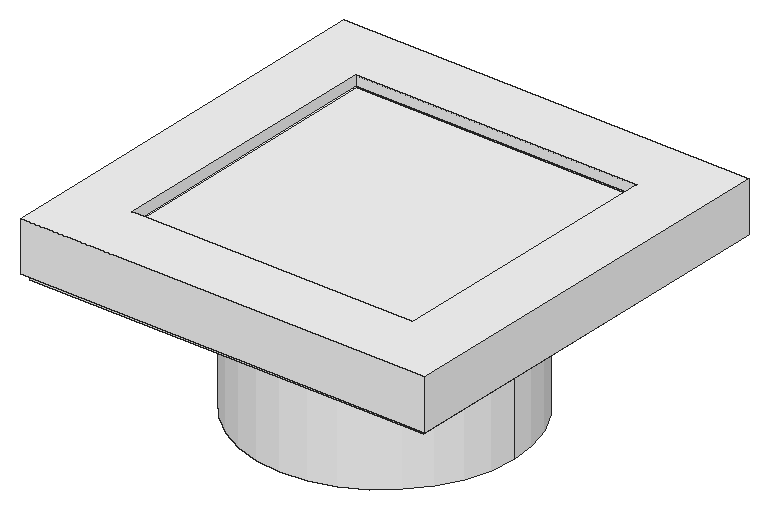
Revit family "Gira_012728", category Electrical Fixtures, host Face, Revit 2017
Family settings
  Host = Face
  Maintain Annotation Orientation = Yes
  Round Connector Dimension = Use Diameter
  Part Type = Normal
  Cut with Voids When Loaded = No
  Shared = No
  Room Calculation Point = No
Parameters (values of type "PB sw. interm.sw. System 55 anthra.")
  With mounting plate = "No"
  Wiring system = "Intermediate switch"
  White [instance] = White
  Washing machine switch = "No"
  URL = "http://katalog.gira.de/en/datenblatt.html?artikelnr=012728"
  Type of fastening = "Mounting with claw and screw"
  Surface protection = "Other"
  Suitable for degree of protection (IP) = "IP20"
  Rated current = "10"
  Push button switch = "Yes"
  Number of rockers = "1"
  Number of modules (module system) = "1"
  Nominal voltage = "250"
  Name = "PB sw. interm.sw. System 55 anthra."
  Mounting method = "Flush mounted (plaster)"
  Model = "Sys55_Komplettgerät_Schalten und Tasten"
  Method of operation = "Rocker/button"
  Material quality = "Thermoplastic"
  Material = "Plastic"
  Manufacturer URL = "https://www.gira.de/"
  Manufacturer = "Gira"
  Label space/information surface = "No"
  Illumination = "No"
  HeinzeBIM = "https://bimportal.heinze.de/bim/pb-sw-interm-sw-system-55-anthra-/29457593b127824b8cffcc7fd4486ea09704ad0a"
  Halogen free = "Yes"
  HAN = "012728"
  GTIN = "4010337127284"
  Feedback-signal contact = "No"
  Description = "PB sw.interm.sw. Sys55 AN,Pushbutton switch 10 AX 250 V~ with rocker,Intermediate switch,anthracite,"
  Default Elevation = 1219.2 mm
  Data sheet (1) = "https://katalog.gira.de/en/download.html?artikelnr=012728"
  Connection type = "Plug clamp"
  Colour = "Anthracite"
  Category = "Switch"
  BIM (1) = "https://media.stage.bim.site/public/gira/36a6b08/Sys55_Komplettgerät_Schalten und Tasten.rfa?public/gira/36a6b08/Sys55_Komplettgerät_Schalten und Tasten.rfa"
  Available = "No"
  Assembly arrangement = "Basic element with central cover plate"
Reference planes
  plane 1 "Center (Front/Back)": y = 0
  plane 2: z = 0
  plane 3 "Center (Left/Right)": x = 0
Forms (mm)
  Extrusion 1, solid, material "White" <- "White", detail levels medium
    sketch origin (0, 0, 0) x (1, 0, 0) y (0, 1, 0)
      loop
        line (-40.4, 40.4) -> (-40.4, -40.4) -> (40.4, -40.4) -> (40.4, 40.4) -> (-40.4, 40.4)
      loop
        line (-28, 28) -> (-28, -28) -> (28, -28) -> (28, 28) -> (-28, 28)
    from 0 to 10
  Extrusion 2, solid, material "White" <- "White", detail levels fine
    sketch origin (0, 0, 0) x (1, 0, 0) y (0, 1, 0)
      loop
        line (-40.4, 40.4) -> (-40.4, -40.4) -> (40.4, -40.4) -> (40.4, 40.4) -> (-40.4, 40.4)
      loop
        line (-28, 28) -> (-28, -28) -> (28, -28) -> (28, 28) -> (-28, 28)
    from 0 to 10
  Extrusion 3, void
    sketch origin (0, 0, 0) x (1, 0, 0) y (0, 1, 0)
      loop
        line (-38.4, 38.4) -> (-38.4, -38.4) -> (38.4, -38.4) -> (38.4, 38.4) -> (-38.4, 38.4)
    from 0 to 8
  Extrusion 4, solid, material "White" <- "White", detail levels medium+fine
    sketch origin (0, 0, 0) x (1, 0, 0) y (0, 1, 0)
      loop
        line (-39.4, 39.4) -> (-39.4, -39.4) -> (39.4, -39.4) -> (39.4, 39.4) -> (-39.4, 39.4)
    from 0 to -1
  Extrusion 5, solid, material "White" <- "White", detail levels medium+fine
    sketch origin (0, 0, 0) x (1, 0, 0) y (0, 1, 0)
      loop
        line (-35.5, 35.5) -> (-35.5, -35.5) -> (35.5, -35.5) -> (35.5, 35.5) -> (-35.5, 35.5)
    from -2 to -3
  Extrusion 6, solid, material "White" <- "White", detail levels medium+fine
    sketch origin (0, 0, 0) x (1, 0, 0) y (0, 1, 0)
      loop
        circle (0, 0) r 26
    from 0 to -27.5
  Extrusion 7, solid, material "White" <- "White", detail levels coarse
    sketch origin (0, 0, 0) x (1, 0, 0) y (0, 1, 0)
      loop
        line (-40.4, 40.4) -> (-40.4, -40.4) -> (40.4, -40.4) -> (40.4, 40.4) -> (-40.4, 40.4)
    from -27.5 to 10
Cuts and joins
  Extrusion 3 cuts Extrusion 2
Dimensions and locks
  aligned and locked: plane 2 to host face
  aligned and locked: level to host face
  aligned and locked: plane 3 "Center (Left/Right)" to nested 2
  aligned and locked: plane 1 "Center (Front/Back)" to nested 2
Nested families
  nested 1: "Sys55_Abdeckung_Schalten und Tasten_floor_base" at (0, 0, 0), type "Sys55_Abdeckung_Schalten und Tasten_floor_base"
  nested 2: "Schalter" at (0, 0, 0), type "Schalter"
Connectors
  electrical at (0, 0, -27.5)
    settings: on Extrusion 6, index 1, voltage 220 V, apparent load 0 VA, apparent load phase1 0 VA, apparent load phase2 0 VA, apparent load phase3 0 VA, power factor 1, load classification "Other", number of poles 1, system type 30, power factor state 1, is connector primary yes, connector utility no, sub classification motor no, connector description ""
Definition of nested family "Sys55_Abdeckung_Schalten und Tasten_floor_base"
  Parameters
    Default Elevation = 1219.2 mm
    White [instance] = none
  Reference planes
    plane 1 "Center (Front/Back)": y = 0
    plane 2: z = 0
    plane 3 "Center (Left/Right)": x = 0
  Forms (mm)
    Extrusion 1, solid
      sketch origin (0, 0, 0) x (1, 0, 0) y (0, 1, 0)
        loop
          line (-1219.2, 1219.2) -> (-1219.2, -1219.2) -> (1219.2, -1219.2) -> (1219.2, 1219.2) -> (-1219.2, 1219.2)
      from 0 to -304.8
    Extrusion 2, solid, material <- "White", detail levels fine
      sketch origin (0, 0, 0) x (1, 0, 0) y (0, 1, 0)
        loop
          line (-27.5, 27.5) -> (-27.5, -27.5) -> (27.5, -27.5) -> (27.5, 27.5) -> (-27.5, 27.5)
      from 0 to 8
    Extrusion 3, void
      sketch origin (0, 0, 0) x (1, 0, 0) y (0, 1, 0)
        loop
          line (26, 26) -> (-26, 26) -> (-26, -26) -> (26, -26) -> (26, 26)
      from 0 to 6
    Extrusion 4, solid, material <- "White", detail levels medium
      sketch origin (0, 0, 0) x (1, 0, 0) y (0, 1, 0)
        loop
          line (-27.5, 27.5) -> (-27.5, -27.5) -> (27.5, -27.5) -> (27.5, 27.5) -> (-27.5, 27.5)
      from 0 to 8
    Extrusion 5, solid, material <- "White", detail levels medium
      sketch origin (0, 0, 0) x (1, 0, 0) y (0, 1, 0)
        loop
          line (11, -17.5) -> (11, 17.5) -> (-11, 17.5) -> (-11, -17.5) -> (11, -17.5)
      from -6 to 6
    Extrusion 6, solid, material <- "White", detail levels fine
      sketch origin (0, 0, 0) x (1, 0, 0) y (0, 1, 0)
        loop
          line (11, 17.5) -> (-11, 17.5) -> (-11, 16.5) -> (11, 16.5) -> (11, 17.5)
        loop
          line (-11, -16.5) -> (-11, -17.5) -> (11, -17.5) -> (11, -16.5) -> (-11, -16.5)
      from -4 to 6
    Extrusion 7, solid, material <- "White", detail levels fine
      sketch origin (0, 0, 0) x (1, 0, 0) y (0, 1, 0)
        loop
          arc (5, 9.347) -> (0, 10.6) -> (-5, 9.347) r 10.6
          line (-5, 9.347) -> (-5, -9.347)
          arc (-5, -9.347) -> (0, -10.6) -> (5, -9.347) r 10.6
          line (5, -9.347) -> (5, 9.347)
      from -6 to 6
    Extrusion 8, solid, material <- "White", detail levels coarse
      sketch origin (0, 0, 0) x (1, 0, 0) y (0, 1, 0)
        loop
          line (-27.5, 27.5) -> (-27.5, -27.5) -> (27.5, -27.5) -> (27.5, 27.5) -> (-27.5, 27.5)
      from -6 to 8
  Cuts and joins
    Extrusion 3 cuts Extrusion 2
  Dimensions and locks
    aligned and locked: plane 2 to Extrusion 1
    aligned and locked: level to Extrusion 1
Definition of nested family "Schalter"
  Reference planes
    plane 1: y = 0
    plane 2: x = 0
  Lines and regions (mm)
    detail lines
      curve 1: circle (1.375, 2.778, 0) r 0.8 normal (0, 0, 1)
      curve 2: line (1.021, 2.061, 0) -> (0, 0, 0)
      curve 3: line (0, 0, 0) -> (-0.538, 0.266, 0)
  Dimensions and locks
    curve 2 to curve 2 = 2.3 mm
    curve 3 to curve 2 = 0.6 mm
    radius of curve 1 = 0.8 mm
